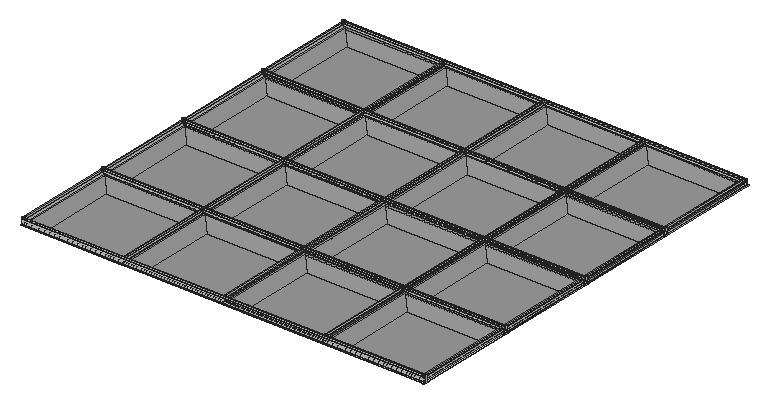
Revit family "GRD-FLD-017_FOLDED GRID 017_RFA", category Modelos genéricos, Revit 2022 (continued)
Forms (in)
  Extrusion 233, solid, not visible
    sketch origin (0, 24, 0) x (0, 1, 0) y (0, 0, 1)
      loop
        arc (0.44023, 1.66266) -> (0.45258, 1.69248) -> (0.4824, 1.70483) r 0.04217
        line (0.4824, 1.70483) -> (0.52333, 1.70483)
        arc (0.52333, 1.70483) -> (0.54049, 1.71194) -> (0.54761, 1.7291) r 0.02428
        line (0.54761, 1.7291) -> (0.54761, 2.15016) -> (0.45704, 2.24072)
        arc (0.45704, 2.24072) -> (0.44027, 2.24767) -> (0.42351, 2.24072) r 0.02371
        line (0.42351, 2.24072) -> (0.33294, 2.15016) -> (0.33294, 1.7291)
    from 0 to 96.9361
  Extrusion 234, solid, not visible
    sketch origin (0, 48, 0) x (0, 1, 0) y (0, 0, 1)
      loop
        line (0.42221, 1.66259) -> (0.42231, 0.67354)
        arc (0.42231, 0.67354) -> (0.41009, 0.64403) -> (0.38057, 0.6318) r 0.04174
        line (0.38057, 0.6318) -> (-0.00639, 0.6318) -> (-0.00639, 0.59057) -> (0.8874, 0.59057) -> (0.8874, 0.6318) -> (0.49998, 0.6318)
        arc (0.49998, 0.6318) -> (0.47046, 0.64403) -> (0.45824, 0.67354) r 0.04174
        line (0.45824, 0.67354) -> (0.45834, 1.66259)
        arc (0.45834, 1.66259) -> (0.46543, 1.67969) -> (0.48252, 1.68677) r 0.02418
        line (0.48252, 1.68677) -> (0.52252, 1.68677)
        arc (0.52252, 1.68677) -> (0.55303, 1.69941) -> (0.56566, 1.72991) r 0.04314
        line (0.56566, 1.72991) -> (0.56566, 2.14095)
        arc (0.56566, 2.14095) -> (0.5626, 2.15637) -> (0.55386, 2.16944) r 0.04029
        line (0.55386, 2.16944) -> (0.47053, 2.25277)
        arc (0.47053, 2.25277) -> (0.44027, 2.2653) -> (0.41002, 2.25277) r 0.04279
        line (0.41002, 2.25277) -> (0.32669, 2.16944)
        arc (0.32669, 2.16944) -> (0.31795, 2.15637) -> (0.31489, 2.14095) r 0.04029
        line (0.31489, 2.14095) -> (0.31489, 1.72991)
        arc (0.31489, 1.72991) -> (0.32752, 1.69941) -> (0.35803, 1.68677) r 0.04314
        line (0.35803, 1.68677) -> (0.39803, 1.68677)
        arc (0.39803, 1.68677) -> (0.41512, 1.67969) -> (0.42221, 1.66259) r 0.02418
      loop
        arc (0.33294, 1.7291) -> (0.34005, 1.71194) -> (0.35722, 1.70483) r 0.02428
        line (0.35722, 1.70483) -> (0.39815, 1.70483)
        arc (0.39815, 1.70483) -> (0.42797, 1.69248) -> (0.44023, 1.66266) r 0.04217
        arc (0.44023, 1.66266) -> (0.45258, 1.69248) -> (0.4824, 1.70483) r 0.04217
        line (0.4824, 1.70483) -> (0.52333, 1.70483)
        arc (0.52333, 1.70483) -> (0.54049, 1.71194) -> (0.54761, 1.7291) r 0.02428
        line (0.54761, 1.7291) -> (0.54761, 2.15016) -> (0.45704, 2.24072)
        arc (0.45704, 2.24072) -> (0.44027, 2.24767) -> (0.42351, 2.24072) r 0.02371
        line (0.42351, 2.24072) -> (0.33294, 2.15016) -> (0.33294, 1.7291)
    from 0 to 96.9361
  Extrusion 235, solid, not visible
    sketch origin (0, 72, 0) x (0, 1, 0) y (0, 0, 1)
      loop
        line (0.42221, 1.66259) -> (0.42231, 0.67354)
        arc (0.42231, 0.67354) -> (0.41009, 0.64403) -> (0.38057, 0.6318) r 0.04174
        line (0.38057, 0.6318) -> (-0.00639, 0.6318) -> (-0.00639, 0.59057) -> (0.8874, 0.59057) -> (0.8874, 0.6318) -> (0.49998, 0.6318)
        arc (0.49998, 0.6318) -> (0.47046, 0.64403) -> (0.45824, 0.67354) r 0.04174
        line (0.45824, 0.67354) -> (0.45834, 1.66259)
        arc (0.45834, 1.66259) -> (0.46543, 1.67969) -> (0.48252, 1.68677) r 0.02418
        line (0.48252, 1.68677) -> (0.52252, 1.68677)
        arc (0.52252, 1.68677) -> (0.55303, 1.69941) -> (0.56566, 1.72991) r 0.04314
        line (0.56566, 1.72991) -> (0.56566, 2.14095)
        arc (0.56566, 2.14095) -> (0.5626, 2.15637) -> (0.55386, 2.16944) r 0.04029
        line (0.55386, 2.16944) -> (0.47053, 2.25277)
        arc (0.47053, 2.25277) -> (0.44027, 2.2653) -> (0.41002, 2.25277) r 0.04279
        line (0.41002, 2.25277) -> (0.32669, 2.16944)
        arc (0.32669, 2.16944) -> (0.31795, 2.15637) -> (0.31489, 2.14095) r 0.04029
        line (0.31489, 2.14095) -> (0.31489, 1.72991)
        arc (0.31489, 1.72991) -> (0.32752, 1.69941) -> (0.35803, 1.68677) r 0.04314
        line (0.35803, 1.68677) -> (0.39803, 1.68677)
        arc (0.39803, 1.68677) -> (0.41512, 1.67969) -> (0.42221, 1.66259) r 0.02418
      loop
        arc (0.33294, 1.7291) -> (0.34005, 1.71194) -> (0.35722, 1.70483) r 0.02428
        line (0.35722, 1.70483) -> (0.39815, 1.70483)
        arc (0.39815, 1.70483) -> (0.42797, 1.69248) -> (0.44023, 1.66266) r 0.04217
        arc (0.44023, 1.66266) -> (0.45258, 1.69248) -> (0.4824, 1.70483) r 0.04217
        line (0.4824, 1.70483) -> (0.52333, 1.70483)
        arc (0.52333, 1.70483) -> (0.54049, 1.71194) -> (0.54761, 1.7291) r 0.02428
        line (0.54761, 1.7291) -> (0.54761, 2.15016) -> (0.45704, 2.24072)
        arc (0.45704, 2.24072) -> (0.44027, 2.24767) -> (0.42351, 2.24072) r 0.02371
        line (0.42351, 2.24072) -> (0.33294, 2.15016) -> (0.33294, 1.7291)
    from 0 to 96.9361
  Extrusion 236, solid, not visible
    sketch origin (0, 96, 0) x (0, 1, 0) y (0, 0, 1)
      loop
        line (0.42221, 1.66259) -> (0.42231, 0.67354)
        arc (0.42231, 0.67354) -> (0.41009, 0.64403) -> (0.38057, 0.6318) r 0.04174
        line (0.38057, 0.6318) -> (-0.00639, 0.6318) -> (-0.00639, 0.59057) -> (0.8874, 0.59057) -> (0.8874, 0.6318) -> (0.49998, 0.6318)
        arc (0.49998, 0.6318) -> (0.47046, 0.64403) -> (0.45824, 0.67354) r 0.04174
        line (0.45824, 0.67354) -> (0.45834, 1.66259)
        arc (0.45834, 1.66259) -> (0.46543, 1.67969) -> (0.48252, 1.68677) r 0.02418
        line (0.48252, 1.68677) -> (0.52252, 1.68677)
        arc (0.52252, 1.68677) -> (0.55303, 1.69941) -> (0.56566, 1.72991) r 0.04314
        line (0.56566, 1.72991) -> (0.56566, 2.14095)
        arc (0.56566, 2.14095) -> (0.5626, 2.15637) -> (0.55386, 2.16944) r 0.04029
        line (0.55386, 2.16944) -> (0.47053, 2.25277)
        arc (0.47053, 2.25277) -> (0.44027, 2.2653) -> (0.41002, 2.25277) r 0.04279
        line (0.41002, 2.25277) -> (0.32669, 2.16944)
        arc (0.32669, 2.16944) -> (0.31795, 2.15637) -> (0.31489, 2.14095) r 0.04029
        line (0.31489, 2.14095) -> (0.31489, 1.72991)
        arc (0.31489, 1.72991) -> (0.32752, 1.69941) -> (0.35803, 1.68677) r 0.04314
        line (0.35803, 1.68677) -> (0.39803, 1.68677)
        arc (0.39803, 1.68677) -> (0.41512, 1.67969) -> (0.42221, 1.66259) r 0.02418
      loop
        arc (0.33294, 1.7291) -> (0.34005, 1.71194) -> (0.35722, 1.70483) r 0.02428
        line (0.35722, 1.70483) -> (0.39815, 1.70483)
        arc (0.39815, 1.70483) -> (0.42797, 1.69248) -> (0.44023, 1.66266) r 0.04217
        arc (0.44023, 1.66266) -> (0.45258, 1.69248) -> (0.4824, 1.70483) r 0.04217
        line (0.4824, 1.70483) -> (0.52333, 1.70483)
        arc (0.52333, 1.70483) -> (0.54049, 1.71194) -> (0.54761, 1.7291) r 0.02428
        line (0.54761, 1.7291) -> (0.54761, 2.15016) -> (0.45704, 2.24072)
        arc (0.45704, 2.24072) -> (0.44027, 2.24767) -> (0.42351, 2.24072) r 0.02371
        line (0.42351, 2.24072) -> (0.33294, 2.15016) -> (0.33294, 1.7291)
    from 0 to 96.9361
  Extrusion 237, solid, not visible
    sketch origin (48.02754, 154.90856, 0) x (1, 0, 0) y (0, 0, 1)
      loop
        line (0.42221, 1.66259) -> (0.42231, 0.67354)
        arc (0.42231, 0.67354) -> (0.41009, 0.64403) -> (0.38057, 0.6318) r 0.04174
        line (0.38057, 0.6318) -> (-0.00639, 0.6318) -> (-0.00639, 0.59057) -> (0.8874, 0.59057) -> (0.8874, 0.6318) -> (0.49998, 0.6318)
        arc (0.49998, 0.6318) -> (0.47046, 0.64403) -> (0.45824, 0.67354) r 0.04174
        line (0.45824, 0.67354) -> (0.45834, 1.66259)
        arc (0.45834, 1.66259) -> (0.46543, 1.67969) -> (0.48252, 1.68677) r 0.02418
        line (0.48252, 1.68677) -> (0.52252, 1.68677)
        arc (0.52252, 1.68677) -> (0.55303, 1.69941) -> (0.56566, 1.72991) r 0.04314
        line (0.56566, 1.72991) -> (0.56566, 2.14095)
        arc (0.56566, 2.14095) -> (0.5626, 2.15637) -> (0.55386, 2.16944) r 0.04029
        line (0.55386, 2.16944) -> (0.47053, 2.25277)
        arc (0.47053, 2.25277) -> (0.44027, 2.2653) -> (0.41002, 2.25277) r 0.04279
        line (0.41002, 2.25277) -> (0.32669, 2.16944)
        arc (0.32669, 2.16944) -> (0.31795, 2.15637) -> (0.31489, 2.14095) r 0.04029
        line (0.31489, 2.14095) -> (0.31489, 1.72991)
        arc (0.31489, 1.72991) -> (0.32752, 1.69941) -> (0.35803, 1.68677) r 0.04314
        line (0.35803, 1.68677) -> (0.39803, 1.68677)
        arc (0.39803, 1.68677) -> (0.41512, 1.67969) -> (0.42221, 1.66259) r 0.02418
      loop
        arc (0.33294, 1.7291) -> (0.34005, 1.71194) -> (0.35722, 1.70483) r 0.02428
        line (0.35722, 1.70483) -> (0.39815, 1.70483)
        arc (0.39815, 1.70483) -> (0.42797, 1.69248) -> (0.44023, 1.66266) r 0.04217
        arc (0.44023, 1.66266) -> (0.45258, 1.69248) -> (0.4824, 1.70483) r 0.04217
        line (0.4824, 1.70483) -> (0.52333, 1.70483)
        arc (0.52333, 1.70483) -> (0.54049, 1.71194) -> (0.54761, 1.7291) r 0.02428
        line (0.54761, 1.7291) -> (0.54761, 2.15016) -> (0.45704, 2.24072)
        arc (0.45704, 2.24072) -> (0.44027, 2.24767) -> (0.42351, 2.24072) r 0.02371
        line (0.42351, 2.24072) -> (0.33294, 2.15016) -> (0.33294, 1.7291)
    from 58.93614 to 81.99864
  Extrusion 238, solid, not visible
    sketch origin (72.02767, 154.90856, 0) x (1, 0, 0) y (0, 0, 1)
      loop
        line (0.42221, 1.66259) -> (0.42231, 0.67354)
        arc (0.42231, 0.67354) -> (0.41009, 0.64403) -> (0.38057, 0.6318) r 0.04174
        line (0.38057, 0.6318) -> (-0.00639, 0.6318) -> (-0.00639, 0.59057) -> (0.8874, 0.59057) -> (0.8874, 0.6318) -> (0.49998, 0.6318)
        arc (0.49998, 0.6318) -> (0.47046, 0.64403) -> (0.45824, 0.67354) r 0.04174
        line (0.45824, 0.67354) -> (0.45834, 1.66259)
        arc (0.45834, 1.66259) -> (0.46543, 1.67969) -> (0.48252, 1.68677) r 0.02418
        line (0.48252, 1.68677) -> (0.52252, 1.68677)
        arc (0.52252, 1.68677) -> (0.55303, 1.69941) -> (0.56566, 1.72991) r 0.04314
        line (0.56566, 1.72991) -> (0.56566, 2.14095)
        arc (0.56566, 2.14095) -> (0.5626, 2.15637) -> (0.55386, 2.16944) r 0.04029
        line (0.55386, 2.16944) -> (0.47053, 2.25277)
        arc (0.47053, 2.25277) -> (0.44027, 2.2653) -> (0.41002, 2.25277) r 0.04279
        line (0.41002, 2.25277) -> (0.32669, 2.16944)
        arc (0.32669, 2.16944) -> (0.31795, 2.15637) -> (0.31489, 2.14095) r 0.04029
        line (0.31489, 2.14095) -> (0.31489, 1.72991)
        arc (0.31489, 1.72991) -> (0.32752, 1.69941) -> (0.35803, 1.68677) r 0.04314
        line (0.35803, 1.68677) -> (0.39803, 1.68677)
        arc (0.39803, 1.68677) -> (0.41512, 1.67969) -> (0.42221, 1.66259) r 0.02418
      loop
        arc (0.33294, 1.7291) -> (0.34005, 1.71194) -> (0.35722, 1.70483) r 0.02428
        line (0.35722, 1.70483) -> (0.39815, 1.70483)
        arc (0.39815, 1.70483) -> (0.42797, 1.69248) -> (0.44023, 1.66266) r 0.04217
        arc (0.44023, 1.66266) -> (0.45258, 1.69248) -> (0.4824, 1.70483) r 0.04217
        line (0.4824, 1.70483) -> (0.52333, 1.70483)
        arc (0.52333, 1.70483) -> (0.54049, 1.71194) -> (0.54761, 1.7291) r 0.02428
        line (0.54761, 1.7291) -> (0.54761, 2.15016) -> (0.45704, 2.24072)
        arc (0.45704, 2.24072) -> (0.44027, 2.24767) -> (0.42351, 2.24072) r 0.02371
        line (0.42351, 2.24072) -> (0.33294, 2.15016) -> (0.33294, 1.7291)
    from 58.93614 to 81.99864
  Extrusion 239, solid, not visible
    sketch origin (96.02767, 154.90856, 0) x (1, 0, 0) y (0, 0, 1)
      loop
        line (0.42221, 1.66259) -> (0.42231, 0.67354)
        arc (0.42231, 0.67354) -> (0.41009, 0.64403) -> (0.38057, 0.6318) r 0.04174
        line (0.38057, 0.6318) -> (-0.00639, 0.6318) -> (-0.00639, 0.59057) -> (0.8874, 0.59057) -> (0.8874, 0.6318) -> (0.49998, 0.6318)
        arc (0.49998, 0.6318) -> (0.47046, 0.64403) -> (0.45824, 0.67354) r 0.04174
        line (0.45824, 0.67354) -> (0.45834, 1.66259)
        arc (0.45834, 1.66259) -> (0.46543, 1.67969) -> (0.48252, 1.68677) r 0.02418
        line (0.48252, 1.68677) -> (0.52252, 1.68677)
        arc (0.52252, 1.68677) -> (0.55303, 1.69941) -> (0.56566, 1.72991) r 0.04314
        line (0.56566, 1.72991) -> (0.56566, 2.14095)
        arc (0.56566, 2.14095) -> (0.5626, 2.15637) -> (0.55386, 2.16944) r 0.04029
        line (0.55386, 2.16944) -> (0.47053, 2.25277)
        arc (0.47053, 2.25277) -> (0.44027, 2.2653) -> (0.41002, 2.25277) r 0.04279
        line (0.41002, 2.25277) -> (0.32669, 2.16944)
        arc (0.32669, 2.16944) -> (0.31795, 2.15637) -> (0.31489, 2.14095) r 0.04029
        line (0.31489, 2.14095) -> (0.31489, 1.72991)
        arc (0.31489, 1.72991) -> (0.32752, 1.69941) -> (0.35803, 1.68677) r 0.04314
        line (0.35803, 1.68677) -> (0.39803, 1.68677)
        arc (0.39803, 1.68677) -> (0.41512, 1.67969) -> (0.42221, 1.66259) r 0.02418
      loop
        arc (0.33294, 1.7291) -> (0.34005, 1.71194) -> (0.35722, 1.70483) r 0.02428
        line (0.35722, 1.70483) -> (0.39815, 1.70483)
        arc (0.39815, 1.70483) -> (0.42797, 1.69248) -> (0.44023, 1.66266) r 0.04217
        arc (0.44023, 1.66266) -> (0.45258, 1.69248) -> (0.4824, 1.70483) r 0.04217
        line (0.4824, 1.70483) -> (0.52333, 1.70483)
        arc (0.52333, 1.70483) -> (0.54049, 1.71194) -> (0.54761, 1.7291) r 0.02428
        line (0.54761, 1.7291) -> (0.54761, 2.15016) -> (0.45704, 2.24072)
        arc (0.45704, 2.24072) -> (0.44027, 2.24767) -> (0.42351, 2.24072) r 0.02371
        line (0.42351, 2.24072) -> (0.33294, 2.15016) -> (0.33294, 1.7291)
    from 58.93614 to 81.99864
  Extrusion 240, solid, not visible
    sketch origin (24.02767, 154.90856, 0) x (1, 0, 0) y (0, 0, 1)
      loop
        line (0.42221, 1.66259) -> (0.42231, 0.67354)
        arc (0.42231, 0.67354) -> (0.41009, 0.64403) -> (0.38057, 0.6318) r 0.04174
        line (0.38057, 0.6318) -> (-0.00639, 0.6318) -> (-0.00639, 0.59057) -> (0.8874, 0.59057) -> (0.8874, 0.6318) -> (0.49998, 0.6318)
        arc (0.49998, 0.6318) -> (0.47046, 0.64403) -> (0.45824, 0.67354) r 0.04174
        line (0.45824, 0.67354) -> (0.45834, 1.66259)
        arc (0.45834, 1.66259) -> (0.46543, 1.67969) -> (0.48252, 1.68677) r 0.02418
        line (0.48252, 1.68677) -> (0.52252, 1.68677)
        arc (0.52252, 1.68677) -> (0.55303, 1.69941) -> (0.56566, 1.72991) r 0.04314
        line (0.56566, 1.72991) -> (0.56566, 2.14095)
        arc (0.56566, 2.14095) -> (0.5626, 2.15637) -> (0.55386, 2.16944) r 0.04029
        line (0.55386, 2.16944) -> (0.47053, 2.25277)
        arc (0.47053, 2.25277) -> (0.44027, 2.2653) -> (0.41002, 2.25277) r 0.04279
        line (0.41002, 2.25277) -> (0.32669, 2.16944)
        arc (0.32669, 2.16944) -> (0.31795, 2.15637) -> (0.31489, 2.14095) r 0.04029
        line (0.31489, 2.14095) -> (0.31489, 1.72991)
        arc (0.31489, 1.72991) -> (0.32752, 1.69941) -> (0.35803, 1.68677) r 0.04314
        line (0.35803, 1.68677) -> (0.39803, 1.68677)
        arc (0.39803, 1.68677) -> (0.41512, 1.67969) -> (0.42221, 1.66259) r 0.02418
      loop
        arc (0.33294, 1.7291) -> (0.34005, 1.71194) -> (0.35722, 1.70483) r 0.02428
        line (0.35722, 1.70483) -> (0.39815, 1.70483)
        arc (0.39815, 1.70483) -> (0.42797, 1.69248) -> (0.44023, 1.66266) r 0.04217
        arc (0.44023, 1.66266) -> (0.45258, 1.69248) -> (0.4824, 1.70483) r 0.04217
        line (0.4824, 1.70483) -> (0.52333, 1.70483)
        arc (0.52333, 1.70483) -> (0.54049, 1.71194) -> (0.54761, 1.7291) r 0.02428
        line (0.54761, 1.7291) -> (0.54761, 2.15016) -> (0.45704, 2.24072)
        arc (0.45704, 2.24072) -> (0.44027, 2.24767) -> (0.42351, 2.24072) r 0.02371
        line (0.42351, 2.24072) -> (0.33294, 2.15016) -> (0.33294, 1.7291)
    from 58.93614 to 81.99864
  Extrusion 241, solid, not visible
    sketch origin (0.02767, 154.90856, 0) x (1, 0, 0) y (0, 0, 1)
      loop
        line (0.42221, 1.66259) -> (0.42231, 0.67354)
        arc (0.42231, 0.67354) -> (0.41009, 0.64403) -> (0.38057, 0.6318) r 0.04174
        line (0.38057, 0.6318) -> (-0.00639, 0.6318) -> (-0.00639, 0.59057) -> (0.8874, 0.59057) -> (0.8874, 0.6318) -> (0.49998, 0.6318)
        arc (0.49998, 0.6318) -> (0.47046, 0.64403) -> (0.45824, 0.67354) r 0.04174
        line (0.45824, 0.67354) -> (0.45834, 1.66259)
        arc (0.45834, 1.66259) -> (0.46543, 1.67969) -> (0.48252, 1.68677) r 0.02418
        line (0.48252, 1.68677) -> (0.52252, 1.68677)
        arc (0.52252, 1.68677) -> (0.55303, 1.69941) -> (0.56566, 1.72991) r 0.04314
        line (0.56566, 1.72991) -> (0.56566, 2.14095)
        arc (0.56566, 2.14095) -> (0.5626, 2.15637) -> (0.55386, 2.16944) r 0.04029
        line (0.55386, 2.16944) -> (0.47053, 2.25277)
        arc (0.47053, 2.25277) -> (0.44027, 2.2653) -> (0.41002, 2.25277) r 0.04279
        line (0.41002, 2.25277) -> (0.32669, 2.16944)
        arc (0.32669, 2.16944) -> (0.31795, 2.15637) -> (0.31489, 2.14095) r 0.04029
        line (0.31489, 2.14095) -> (0.31489, 1.72991)
        arc (0.31489, 1.72991) -> (0.32752, 1.69941) -> (0.35803, 1.68677) r 0.04314
        line (0.35803, 1.68677) -> (0.39803, 1.68677)
        arc (0.39803, 1.68677) -> (0.41512, 1.67969) -> (0.42221, 1.66259) r 0.02418
      loop
        arc (0.33294, 1.7291) -> (0.34005, 1.71194) -> (0.35722, 1.70483) r 0.02428
        line (0.35722, 1.70483) -> (0.39815, 1.70483)
        arc (0.39815, 1.70483) -> (0.42797, 1.69248) -> (0.44023, 1.66266) r 0.04217
        arc (0.44023, 1.66266) -> (0.45258, 1.69248) -> (0.4824, 1.70483) r 0.04217
        line (0.4824, 1.70483) -> (0.52333, 1.70483)
        arc (0.52333, 1.70483) -> (0.54049, 1.71194) -> (0.54761, 1.7291) r 0.02428
        line (0.54761, 1.7291) -> (0.54761, 2.15016) -> (0.45704, 2.24072)
        arc (0.45704, 2.24072) -> (0.44027, 2.24767) -> (0.42351, 2.24072) r 0.02371
        line (0.42351, 2.24072) -> (0.33294, 2.15016) -> (0.33294, 1.7291)
    from 58.93614 to 81.99864
  Extrusion 242, solid, not visible
    sketch origin (48.02754, 130.90855, 0) x (1, 0, 0) y (0, 0, 1)
      loop
        line (0.42221, 1.66259) -> (0.42231, 0.67354)
        arc (0.42231, 0.67354) -> (0.41009, 0.64403) -> (0.38057, 0.6318) r 0.04174
        line (0.38057, 0.6318) -> (-0.00639, 0.6318) -> (-0.00639, 0.59057) -> (0.8874, 0.59057) -> (0.8874, 0.6318) -> (0.49998, 0.6318)
        arc (0.49998, 0.6318) -> (0.47046, 0.64403) -> (0.45824, 0.67354) r 0.04174
        line (0.45824, 0.67354) -> (0.45834, 1.66259)
        arc (0.45834, 1.66259) -> (0.46543, 1.67969) -> (0.48252, 1.68677) r 0.02418
        line (0.48252, 1.68677) -> (0.52252, 1.68677)
        arc (0.52252, 1.68677) -> (0.55303, 1.69941) -> (0.56566, 1.72991) r 0.04314
        line (0.56566, 1.72991) -> (0.56566, 2.14095)
        arc (0.56566, 2.14095) -> (0.5626, 2.15637) -> (0.55386, 2.16944) r 0.04029
        line (0.55386, 2.16944) -> (0.47053, 2.25277)
        arc (0.47053, 2.25277) -> (0.44027, 2.2653) -> (0.41002, 2.25277) r 0.04279
        line (0.41002, 2.25277) -> (0.32669, 2.16944)
        arc (0.32669, 2.16944) -> (0.31795, 2.15637) -> (0.31489, 2.14095) r 0.04029
        line (0.31489, 2.14095) -> (0.31489, 1.72991)
        arc (0.31489, 1.72991) -> (0.32752, 1.69941) -> (0.35803, 1.68677) r 0.04314
        line (0.35803, 1.68677) -> (0.39803, 1.68677)
        arc (0.39803, 1.68677) -> (0.41512, 1.67969) -> (0.42221, 1.66259) r 0.02418
      loop
        arc (0.33294, 1.7291) -> (0.34005, 1.71194) -> (0.35722, 1.70483) r 0.02428
        line (0.35722, 1.70483) -> (0.39815, 1.70483)
        arc (0.39815, 1.70483) -> (0.42797, 1.69248) -> (0.44023, 1.66266) r 0.04217
        arc (0.44023, 1.66266) -> (0.45258, 1.69248) -> (0.4824, 1.70483) r 0.04217
        line (0.4824, 1.70483) -> (0.52333, 1.70483)
        arc (0.52333, 1.70483) -> (0.54049, 1.71194) -> (0.54761, 1.7291) r 0.02428
        line (0.54761, 1.7291) -> (0.54761, 2.15016) -> (0.45704, 2.24072)
        arc (0.45704, 2.24072) -> (0.44027, 2.24767) -> (0.42351, 2.24072) r 0.02371
        line (0.42351, 2.24072) -> (0.33294, 2.15016) -> (0.33294, 1.7291)
    from 58.93614 to 81.99864
  Extrusion 243, solid, not visible
    sketch origin (72.02767, 130.90855, 0) x (1, 0, 0) y (0, 0, 1)
      loop
        line (0.42221, 1.66259) -> (0.42231, 0.67354)
        arc (0.42231, 0.67354) -> (0.41009, 0.64403) -> (0.38057, 0.6318) r 0.04174
        line (0.38057, 0.6318) -> (-0.00639, 0.6318) -> (-0.00639, 0.59057) -> (0.8874, 0.59057) -> (0.8874, 0.6318) -> (0.49998, 0.6318)
        arc (0.49998, 0.6318) -> (0.47046, 0.64403) -> (0.45824, 0.67354) r 0.04174
        line (0.45824, 0.67354) -> (0.45834, 1.66259)
        arc (0.45834, 1.66259) -> (0.46543, 1.67969) -> (0.48252, 1.68677) r 0.02418
        line (0.48252, 1.68677) -> (0.52252, 1.68677)
        arc (0.52252, 1.68677) -> (0.55303, 1.69941) -> (0.56566, 1.72991) r 0.04314
        line (0.56566, 1.72991) -> (0.56566, 2.14095)
        arc (0.56566, 2.14095) -> (0.5626, 2.15637) -> (0.55386, 2.16944) r 0.04029
        line (0.55386, 2.16944) -> (0.47053, 2.25277)
        arc (0.47053, 2.25277) -> (0.44027, 2.2653) -> (0.41002, 2.25277) r 0.04279
        line (0.41002, 2.25277) -> (0.32669, 2.16944)
        arc (0.32669, 2.16944) -> (0.31795, 2.15637) -> (0.31489, 2.14095) r 0.04029
        line (0.31489, 2.14095) -> (0.31489, 1.72991)
        arc (0.31489, 1.72991) -> (0.32752, 1.69941) -> (0.35803, 1.68677) r 0.04314
        line (0.35803, 1.68677) -> (0.39803, 1.68677)
        arc (0.39803, 1.68677) -> (0.41512, 1.67969) -> (0.42221, 1.66259) r 0.02418
      loop
        arc (0.33294, 1.7291) -> (0.34005, 1.71194) -> (0.35722, 1.70483) r 0.02428
        line (0.35722, 1.70483) -> (0.39815, 1.70483)
        arc (0.39815, 1.70483) -> (0.42797, 1.69248) -> (0.44023, 1.66266) r 0.04217
        arc (0.44023, 1.66266) -> (0.45258, 1.69248) -> (0.4824, 1.70483) r 0.04217
        line (0.4824, 1.70483) -> (0.52333, 1.70483)
        arc (0.52333, 1.70483) -> (0.54049, 1.71194) -> (0.54761, 1.7291) r 0.02428
        line (0.54761, 1.7291) -> (0.54761, 2.15016) -> (0.45704, 2.24072)
        arc (0.45704, 2.24072) -> (0.44027, 2.24767) -> (0.42351, 2.24072) r 0.02371
        line (0.42351, 2.24072) -> (0.33294, 2.15016) -> (0.33294, 1.7291)
    from 58.93614 to 81.99864
  Extrusion 244, solid, not visible
    sketch origin (96.02767, 130.90855, 0) x (1, 0, 0) y (0, 0, 1)
      loop
        line (0.42221, 1.66259) -> (0.42231, 0.67354)
        arc (0.42231, 0.67354) -> (0.41009, 0.64403) -> (0.38057, 0.6318) r 0.04174
        line (0.38057, 0.6318) -> (-0.00639, 0.6318) -> (-0.00639, 0.59057) -> (0.8874, 0.59057) -> (0.8874, 0.6318) -> (0.49998, 0.6318)
        arc (0.49998, 0.6318) -> (0.47046, 0.64403) -> (0.45824, 0.67354) r 0.04174
        line (0.45824, 0.67354) -> (0.45834, 1.66259)
        arc (0.45834, 1.66259) -> (0.46543, 1.67969) -> (0.48252, 1.68677) r 0.02418
        line (0.48252, 1.68677) -> (0.52252, 1.68677)
        arc (0.52252, 1.68677) -> (0.55303, 1.69941) -> (0.56566, 1.72991) r 0.04314
        line (0.56566, 1.72991) -> (0.56566, 2.14095)
        arc (0.56566, 2.14095) -> (0.5626, 2.15637) -> (0.55386, 2.16944) r 0.04029
        line (0.55386, 2.16944) -> (0.47053, 2.25277)
        arc (0.47053, 2.25277) -> (0.44027, 2.2653) -> (0.41002, 2.25277) r 0.04279
        line (0.41002, 2.25277) -> (0.32669, 2.16944)
        arc (0.32669, 2.16944) -> (0.31795, 2.15637) -> (0.31489, 2.14095) r 0.04029
        line (0.31489, 2.14095) -> (0.31489, 1.72991)
        arc (0.31489, 1.72991) -> (0.32752, 1.69941) -> (0.35803, 1.68677) r 0.04314
        line (0.35803, 1.68677) -> (0.39803, 1.68677)
        arc (0.39803, 1.68677) -> (0.41512, 1.67969) -> (0.42221, 1.66259) r 0.02418
      loop
        arc (0.33294, 1.7291) -> (0.34005, 1.71194) -> (0.35722, 1.70483) r 0.02428
        line (0.35722, 1.70483) -> (0.39815, 1.70483)
        arc (0.39815, 1.70483) -> (0.42797, 1.69248) -> (0.44023, 1.66266) r 0.04217
        arc (0.44023, 1.66266) -> (0.45258, 1.69248) -> (0.4824, 1.70483) r 0.04217
        line (0.4824, 1.70483) -> (0.52333, 1.70483)
        arc (0.52333, 1.70483) -> (0.54049, 1.71194) -> (0.54761, 1.7291) r 0.02428
        line (0.54761, 1.7291) -> (0.54761, 2.15016) -> (0.45704, 2.24072)
        arc (0.45704, 2.24072) -> (0.44027, 2.24767) -> (0.42351, 2.24072) r 0.02371
        line (0.42351, 2.24072) -> (0.33294, 2.15016) -> (0.33294, 1.7291)
    from 58.93614 to 81.99864
  Extrusion 245, solid, not visible
    sketch origin (24.02767, 130.90855, 0) x (1, 0, 0) y (0, 0, 1)
      loop
        line (0.42221, 1.66259) -> (0.42231, 0.67354)
        arc (0.42231, 0.67354) -> (0.41009, 0.64403) -> (0.38057, 0.6318) r 0.04174
        line (0.38057, 0.6318) -> (-0.00639, 0.6318) -> (-0.00639, 0.59057) -> (0.8874, 0.59057) -> (0.8874, 0.6318) -> (0.49998, 0.6318)
        arc (0.49998, 0.6318) -> (0.47046, 0.64403) -> (0.45824, 0.67354) r 0.04174
        line (0.45824, 0.67354) -> (0.45834, 1.66259)
        arc (0.45834, 1.66259) -> (0.46543, 1.67969) -> (0.48252, 1.68677) r 0.02418
        line (0.48252, 1.68677) -> (0.52252, 1.68677)
        arc (0.52252, 1.68677) -> (0.55303, 1.69941) -> (0.56566, 1.72991) r 0.04314
        line (0.56566, 1.72991) -> (0.56566, 2.14095)
        arc (0.56566, 2.14095) -> (0.5626, 2.15637) -> (0.55386, 2.16944) r 0.04029
        line (0.55386, 2.16944) -> (0.47053, 2.25277)
        arc (0.47053, 2.25277) -> (0.44027, 2.2653) -> (0.41002, 2.25277) r 0.04279
        line (0.41002, 2.25277) -> (0.32669, 2.16944)
        arc (0.32669, 2.16944) -> (0.31795, 2.15637) -> (0.31489, 2.14095) r 0.04029
        line (0.31489, 2.14095) -> (0.31489, 1.72991)
        arc (0.31489, 1.72991) -> (0.32752, 1.69941) -> (0.35803, 1.68677) r 0.04314
        line (0.35803, 1.68677) -> (0.39803, 1.68677)
        arc (0.39803, 1.68677) -> (0.41512, 1.67969) -> (0.42221, 1.66259) r 0.02418
      loop
        arc (0.33294, 1.7291) -> (0.34005, 1.71194) -> (0.35722, 1.70483) r 0.02428
        line (0.35722, 1.70483) -> (0.39815, 1.70483)
        arc (0.39815, 1.70483) -> (0.42797, 1.69248) -> (0.44023, 1.66266) r 0.04217
        arc (0.44023, 1.66266) -> (0.45258, 1.69248) -> (0.4824, 1.70483) r 0.04217
        line (0.4824, 1.70483) -> (0.52333, 1.70483)
        arc (0.52333, 1.70483) -> (0.54049, 1.71194) -> (0.54761, 1.7291) r 0.02428
        line (0.54761, 1.7291) -> (0.54761, 2.15016) -> (0.45704, 2.24072)
        arc (0.45704, 2.24072) -> (0.44027, 2.24767) -> (0.42351, 2.24072) r 0.02371
        line (0.42351, 2.24072) -> (0.33294, 2.15016) -> (0.33294, 1.7291)
    from 58.93614 to 81.99864
  Extrusion 246, solid, not visible
    sketch origin (0.02767, 130.90855, 0) x (1, 0, 0) y (0, 0, 1)
      loop
        line (0.42221, 1.66259) -> (0.42231, 0.67354)
        arc (0.42231, 0.67354) -> (0.41009, 0.64403) -> (0.38057, 0.6318) r 0.04174
        line (0.38057, 0.6318) -> (-0.00639, 0.6318) -> (-0.00639, 0.59057) -> (0.8874, 0.59057) -> (0.8874, 0.6318) -> (0.49998, 0.6318)
        arc (0.49998, 0.6318) -> (0.47046, 0.64403) -> (0.45824, 0.67354) r 0.04174
        line (0.45824, 0.67354) -> (0.45834, 1.66259)
        arc (0.45834, 1.66259) -> (0.46543, 1.67969) -> (0.48252, 1.68677) r 0.02418
        line (0.48252, 1.68677) -> (0.52252, 1.68677)
        arc (0.52252, 1.68677) -> (0.55303, 1.69941) -> (0.56566, 1.72991) r 0.04314
        line (0.56566, 1.72991) -> (0.56566, 2.14095)
        arc (0.56566, 2.14095) -> (0.5626, 2.15637) -> (0.55386, 2.16944) r 0.04029
        line (0.55386, 2.16944) -> (0.47053, 2.25277)
        arc (0.47053, 2.25277) -> (0.44027, 2.2653) -> (0.41002, 2.25277) r 0.04279
        line (0.41002, 2.25277) -> (0.32669, 2.16944)
        arc (0.32669, 2.16944) -> (0.31795, 2.15637) -> (0.31489, 2.14095) r 0.04029
        line (0.31489, 2.14095) -> (0.31489, 1.72991)
        arc (0.31489, 1.72991) -> (0.32752, 1.69941) -> (0.35803, 1.68677) r 0.04314
        line (0.35803, 1.68677) -> (0.39803, 1.68677)
        arc (0.39803, 1.68677) -> (0.41512, 1.67969) -> (0.42221, 1.66259) r 0.02418
      loop
        arc (0.33294, 1.7291) -> (0.34005, 1.71194) -> (0.35722, 1.70483) r 0.02428
        line (0.35722, 1.70483) -> (0.39815, 1.70483)
        arc (0.39815, 1.70483) -> (0.42797, 1.69248) -> (0.44023, 1.66266) r 0.04217
        arc (0.44023, 1.66266) -> (0.45258, 1.69248) -> (0.4824, 1.70483) r 0.04217
        line (0.4824, 1.70483) -> (0.52333, 1.70483)
        arc (0.52333, 1.70483) -> (0.54049, 1.71194) -> (0.54761, 1.7291) r 0.02428
        line (0.54761, 1.7291) -> (0.54761, 2.15016) -> (0.45704, 2.24072)
        arc (0.45704, 2.24072) -> (0.44027, 2.24767) -> (0.42351, 2.24072) r 0.02371
        line (0.42351, 2.24072) -> (0.33294, 2.15016) -> (0.33294, 1.7291)
    from 58.93614 to 81.99864
  Extrusion 247, solid, not visible
    sketch origin (48.02754, 106.90856, 0) x (1, 0, 0) y (0, 0, 1)
      loop
        line (0.42221, 1.66259) -> (0.42231, 0.67354)
        arc (0.42231, 0.67354) -> (0.41009, 0.64403) -> (0.38057, 0.6318) r 0.04174
        line (0.38057, 0.6318) -> (-0.00639, 0.6318) -> (-0.00639, 0.59057) -> (0.8874, 0.59057) -> (0.8874, 0.6318) -> (0.49998, 0.6318)
        arc (0.49998, 0.6318) -> (0.47046, 0.64403) -> (0.45824, 0.67354) r 0.04174
        line (0.45824, 0.67354) -> (0.45834, 1.66259)
        arc (0.45834, 1.66259) -> (0.46543, 1.67969) -> (0.48252, 1.68677) r 0.02418
        line (0.48252, 1.68677) -> (0.52252, 1.68677)
        arc (0.52252, 1.68677) -> (0.55303, 1.69941) -> (0.56566, 1.72991) r 0.04314
        line (0.56566, 1.72991) -> (0.56566, 2.14095)
        arc (0.56566, 2.14095) -> (0.5626, 2.15637) -> (0.55386, 2.16944) r 0.04029
        line (0.55386, 2.16944) -> (0.47053, 2.25277)
        arc (0.47053, 2.25277) -> (0.44027, 2.2653) -> (0.41002, 2.25277) r 0.04279
        line (0.41002, 2.25277) -> (0.32669, 2.16944)
        arc (0.32669, 2.16944) -> (0.31795, 2.15637) -> (0.31489, 2.14095) r 0.04029
        line (0.31489, 2.14095) -> (0.31489, 1.72991)
        arc (0.31489, 1.72991) -> (0.32752, 1.69941) -> (0.35803, 1.68677) r 0.04314
        line (0.35803, 1.68677) -> (0.39803, 1.68677)
        arc (0.39803, 1.68677) -> (0.41512, 1.67969) -> (0.42221, 1.66259) r 0.02418
      loop
        arc (0.33294, 1.7291) -> (0.34005, 1.71194) -> (0.35722, 1.70483) r 0.02428
        line (0.35722, 1.70483) -> (0.39815, 1.70483)
        arc (0.39815, 1.70483) -> (0.42797, 1.69248) -> (0.44023, 1.66266) r 0.04217
        arc (0.44023, 1.66266) -> (0.45258, 1.69248) -> (0.4824, 1.70483) r 0.04217
        line (0.4824, 1.70483) -> (0.52333, 1.70483)
        arc (0.52333, 1.70483) -> (0.54049, 1.71194) -> (0.54761, 1.7291) r 0.02428
        line (0.54761, 1.7291) -> (0.54761, 2.15016) -> (0.45704, 2.24072)
        arc (0.45704, 2.24072) -> (0.44027, 2.24767) -> (0.42351, 2.24072) r 0.02371
        line (0.42351, 2.24072) -> (0.33294, 2.15016) -> (0.33294, 1.7291)
    from 58.93614 to 81.99864
  Extrusion 248, solid, not visible
    sketch origin (72.02767, 106.90856, 0) x (1, 0, 0) y (0, 0, 1)
      loop
        line (0.42221, 1.66259) -> (0.42231, 0.67354)
        arc (0.42231, 0.67354) -> (0.41009, 0.64403) -> (0.38057, 0.6318) r 0.04174
        line (0.38057, 0.6318) -> (-0.00639, 0.6318) -> (-0.00639, 0.59057) -> (0.8874, 0.59057) -> (0.8874, 0.6318) -> (0.49998, 0.6318)
        arc (0.49998, 0.6318) -> (0.47046, 0.64403) -> (0.45824, 0.67354) r 0.04174
        line (0.45824, 0.67354) -> (0.45834, 1.66259)
        arc (0.45834, 1.66259) -> (0.46543, 1.67969) -> (0.48252, 1.68677) r 0.02418
        line (0.48252, 1.68677) -> (0.52252, 1.68677)
        arc (0.52252, 1.68677) -> (0.55303, 1.69941) -> (0.56566, 1.72991) r 0.04314
        line (0.56566, 1.72991) -> (0.56566, 2.14095)
        arc (0.56566, 2.14095) -> (0.5626, 2.15637) -> (0.55386, 2.16944) r 0.04029
        line (0.55386, 2.16944) -> (0.47053, 2.25277)
        arc (0.47053, 2.25277) -> (0.44027, 2.2653) -> (0.41002, 2.25277) r 0.04279
        line (0.41002, 2.25277) -> (0.32669, 2.16944)
        arc (0.32669, 2.16944) -> (0.31795, 2.15637) -> (0.31489, 2.14095) r 0.04029
        line (0.31489, 2.14095) -> (0.31489, 1.72991)
        arc (0.31489, 1.72991) -> (0.32752, 1.69941) -> (0.35803, 1.68677) r 0.04314
        line (0.35803, 1.68677) -> (0.39803, 1.68677)
        arc (0.39803, 1.68677) -> (0.41512, 1.67969) -> (0.42221, 1.66259) r 0.02418
      loop
        arc (0.33294, 1.7291) -> (0.34005, 1.71194) -> (0.35722, 1.70483) r 0.02428
        line (0.35722, 1.70483) -> (0.39815, 1.70483)
        arc (0.39815, 1.70483) -> (0.42797, 1.69248) -> (0.44023, 1.66266) r 0.04217
        arc (0.44023, 1.66266) -> (0.45258, 1.69248) -> (0.4824, 1.70483) r 0.04217
        line (0.4824, 1.70483) -> (0.52333, 1.70483)
        arc (0.52333, 1.70483) -> (0.54049, 1.71194) -> (0.54761, 1.7291) r 0.02428
        line (0.54761, 1.7291) -> (0.54761, 2.15016) -> (0.45704, 2.24072)
        arc (0.45704, 2.24072) -> (0.44027, 2.24767) -> (0.42351, 2.24072) r 0.02371
        line (0.42351, 2.24072) -> (0.33294, 2.15016) -> (0.33294, 1.7291)
    from 58.93614 to 81.99864
  Extrusion 249, solid, not visible
    sketch origin (96.02767, 106.90856, 0) x (1, 0, 0) y (0, 0, 1)
      loop
        line (0.42221, 1.66259) -> (0.42231, 0.67354)
        arc (0.42231, 0.67354) -> (0.41009, 0.64403) -> (0.38057, 0.6318) r 0.04174
        line (0.38057, 0.6318) -> (-0.00639, 0.6318) -> (-0.00639, 0.59057) -> (0.8874, 0.59057) -> (0.8874, 0.6318) -> (0.49998, 0.6318)
        arc (0.49998, 0.6318) -> (0.47046, 0.64403) -> (0.45824, 0.67354) r 0.04174
        line (0.45824, 0.67354) -> (0.45834, 1.66259)
        arc (0.45834, 1.66259) -> (0.46543, 1.67969) -> (0.48252, 1.68677) r 0.02418
        line (0.48252, 1.68677) -> (0.52252, 1.68677)
        arc (0.52252, 1.68677) -> (0.55303, 1.69941) -> (0.56566, 1.72991) r 0.04314
        line (0.56566, 1.72991) -> (0.56566, 2.14095)
        arc (0.56566, 2.14095) -> (0.5626, 2.15637) -> (0.55386, 2.16944) r 0.04029
        line (0.55386, 2.16944) -> (0.47053, 2.25277)
        arc (0.47053, 2.25277) -> (0.44027, 2.2653) -> (0.41002, 2.25277) r 0.04279
        line (0.41002, 2.25277) -> (0.32669, 2.16944)
        arc (0.32669, 2.16944) -> (0.31795, 2.15637) -> (0.31489, 2.14095) r 0.04029
        line (0.31489, 2.14095) -> (0.31489, 1.72991)
        arc (0.31489, 1.72991) -> (0.32752, 1.69941) -> (0.35803, 1.68677) r 0.04314
        line (0.35803, 1.68677) -> (0.39803, 1.68677)
        arc (0.39803, 1.68677) -> (0.41512, 1.67969) -> (0.42221, 1.66259) r 0.02418
      loop
        arc (0.33294, 1.7291) -> (0.34005, 1.71194) -> (0.35722, 1.70483) r 0.02428
        line (0.35722, 1.70483) -> (0.39815, 1.70483)
        arc (0.39815, 1.70483) -> (0.42797, 1.69248) -> (0.44023, 1.66266) r 0.04217
        arc (0.44023, 1.66266) -> (0.45258, 1.69248) -> (0.4824, 1.70483) r 0.04217
        line (0.4824, 1.70483) -> (0.52333, 1.70483)
        arc (0.52333, 1.70483) -> (0.54049, 1.71194) -> (0.54761, 1.7291) r 0.02428
        line (0.54761, 1.7291) -> (0.54761, 2.15016) -> (0.45704, 2.24072)
        arc (0.45704, 2.24072) -> (0.44027, 2.24767) -> (0.42351, 2.24072) r 0.02371
        line (0.42351, 2.24072) -> (0.33294, 2.15016) -> (0.33294, 1.7291)
    from 58.93614 to 81.99864
  Extrusion 250, solid, not visible
    sketch origin (24.02767, 106.90856, 0) x (1, 0, 0) y (0, 0, 1)
      loop
        line (0.42221, 1.66259) -> (0.42231, 0.67354)
        arc (0.42231, 0.67354) -> (0.41009, 0.64403) -> (0.38057, 0.6318) r 0.04174
        line (0.38057, 0.6318) -> (-0.00639, 0.6318) -> (-0.00639, 0.59057) -> (0.8874, 0.59057) -> (0.8874, 0.6318) -> (0.49998, 0.6318)
        arc (0.49998, 0.6318) -> (0.47046, 0.64403) -> (0.45824, 0.67354) r 0.04174
        line (0.45824, 0.67354) -> (0.45834, 1.66259)
        arc (0.45834, 1.66259) -> (0.46543, 1.67969) -> (0.48252, 1.68677) r 0.02418
        line (0.48252, 1.68677) -> (0.52252, 1.68677)
        arc (0.52252, 1.68677) -> (0.55303, 1.69941) -> (0.56566, 1.72991) r 0.04314
        line (0.56566, 1.72991) -> (0.56566, 2.14095)
        arc (0.56566, 2.14095) -> (0.5626, 2.15637) -> (0.55386, 2.16944) r 0.04029
        line (0.55386, 2.16944) -> (0.47053, 2.25277)
        arc (0.47053, 2.25277) -> (0.44027, 2.2653) -> (0.41002, 2.25277) r 0.04279
        line (0.41002, 2.25277) -> (0.32669, 2.16944)
        arc (0.32669, 2.16944) -> (0.31795, 2.15637) -> (0.31489, 2.14095) r 0.04029
        line (0.31489, 2.14095) -> (0.31489, 1.72991)
        arc (0.31489, 1.72991) -> (0.32752, 1.69941) -> (0.35803, 1.68677) r 0.04314
        line (0.35803, 1.68677) -> (0.39803, 1.68677)
        arc (0.39803, 1.68677) -> (0.41512, 1.67969) -> (0.42221, 1.66259) r 0.02418
      loop
        arc (0.33294, 1.7291) -> (0.34005, 1.71194) -> (0.35722, 1.70483) r 0.02428
        line (0.35722, 1.70483) -> (0.39815, 1.70483)
        arc (0.39815, 1.70483) -> (0.42797, 1.69248) -> (0.44023, 1.66266) r 0.04217
        arc (0.44023, 1.66266) -> (0.45258, 1.69248) -> (0.4824, 1.70483) r 0.04217
        line (0.4824, 1.70483) -> (0.52333, 1.70483)
        arc (0.52333, 1.70483) -> (0.54049, 1.71194) -> (0.54761, 1.7291) r 0.02428
        line (0.54761, 1.7291) -> (0.54761, 2.15016) -> (0.45704, 2.24072)
        arc (0.45704, 2.24072) -> (0.44027, 2.24767) -> (0.42351, 2.24072) r 0.02371
        line (0.42351, 2.24072) -> (0.33294, 2.15016) -> (0.33294, 1.7291)
    from 58.93614 to 81.99864
  Extrusion 251, solid, not visible
    sketch origin (0.02767, 106.90856, 0) x (1, 0, 0) y (0, 0, 1)
      loop
        line (0.42221, 1.66259) -> (0.42231, 0.67354)
        arc (0.42231, 0.67354) -> (0.41009, 0.64403) -> (0.38057, 0.6318) r 0.04174
        line (0.38057, 0.6318) -> (-0.00639, 0.6318) -> (-0.00639, 0.59057) -> (0.8874, 0.59057) -> (0.8874, 0.6318) -> (0.49998, 0.6318)
        arc (0.49998, 0.6318) -> (0.47046, 0.64403) -> (0.45824, 0.67354) r 0.04174
        line (0.45824, 0.67354) -> (0.45834, 1.66259)
        arc (0.45834, 1.66259) -> (0.46543, 1.67969) -> (0.48252, 1.68677) r 0.02418
        line (0.48252, 1.68677) -> (0.52252, 1.68677)
        arc (0.52252, 1.68677) -> (0.55303, 1.69941) -> (0.56566, 1.72991) r 0.04314
        line (0.56566, 1.72991) -> (0.56566, 2.14095)
        arc (0.56566, 2.14095) -> (0.5626, 2.15637) -> (0.55386, 2.16944) r 0.04029
        line (0.55386, 2.16944) -> (0.47053, 2.25277)
        arc (0.47053, 2.25277) -> (0.44027, 2.2653) -> (0.41002, 2.25277) r 0.04279
        line (0.41002, 2.25277) -> (0.32669, 2.16944)
        arc (0.32669, 2.16944) -> (0.31795, 2.15637) -> (0.31489, 2.14095) r 0.04029
        line (0.31489, 2.14095) -> (0.31489, 1.72991)
        arc (0.31489, 1.72991) -> (0.32752, 1.69941) -> (0.35803, 1.68677) r 0.04314
        line (0.35803, 1.68677) -> (0.39803, 1.68677)
        arc (0.39803, 1.68677) -> (0.41512, 1.67969) -> (0.42221, 1.66259) r 0.02418
      loop
        arc (0.33294, 1.7291) -> (0.34005, 1.71194) -> (0.35722, 1.70483) r 0.02428
        line (0.35722, 1.70483) -> (0.39815, 1.70483)
        arc (0.39815, 1.70483) -> (0.42797, 1.69248) -> (0.44023, 1.66266) r 0.04217
        arc (0.44023, 1.66266) -> (0.45258, 1.69248) -> (0.4824, 1.70483) r 0.04217
        line (0.4824, 1.70483) -> (0.52333, 1.70483)
        arc (0.52333, 1.70483) -> (0.54049, 1.71194) -> (0.54761, 1.7291) r 0.02428
        line (0.54761, 1.7291) -> (0.54761, 2.15016) -> (0.45704, 2.24072)
        arc (0.45704, 2.24072) -> (0.44027, 2.24767) -> (0.42351, 2.24072) r 0.02371
        line (0.42351, 2.24072) -> (0.33294, 2.15016) -> (0.33294, 1.7291)
    from 58.93614 to 81.99864
  Extrusion 252, solid, not visible
    sketch origin (48.02754, 82.90856, 0) x (1, 0, 0) y (0, 0, 1)
      loop
        line (0.42221, 1.66259) -> (0.42231, 0.67354)
        arc (0.42231, 0.67354) -> (0.41009, 0.64403) -> (0.38057, 0.6318) r 0.04174
        line (0.38057, 0.6318) -> (-0.00639, 0.6318) -> (-0.00639, 0.59057) -> (0.8874, 0.59057) -> (0.8874, 0.6318) -> (0.49998, 0.6318)
        arc (0.49998, 0.6318) -> (0.47046, 0.64403) -> (0.45824, 0.67354) r 0.04174
        line (0.45824, 0.67354) -> (0.45834, 1.66259)
        arc (0.45834, 1.66259) -> (0.46543, 1.67969) -> (0.48252, 1.68677) r 0.02418
        line (0.48252, 1.68677) -> (0.52252, 1.68677)
        arc (0.52252, 1.68677) -> (0.55303, 1.69941) -> (0.56566, 1.72991) r 0.04314
        line (0.56566, 1.72991) -> (0.56566, 2.14095)
        arc (0.56566, 2.14095) -> (0.5626, 2.15637) -> (0.55386, 2.16944) r 0.04029
        line (0.55386, 2.16944) -> (0.47053, 2.25277)
        arc (0.47053, 2.25277) -> (0.44027, 2.2653) -> (0.41002, 2.25277) r 0.04279
        line (0.41002, 2.25277) -> (0.32669, 2.16944)
        arc (0.32669, 2.16944) -> (0.31795, 2.15637) -> (0.31489, 2.14095) r 0.04029
        line (0.31489, 2.14095) -> (0.31489, 1.72991)
        arc (0.31489, 1.72991) -> (0.32752, 1.69941) -> (0.35803, 1.68677) r 0.04314
        line (0.35803, 1.68677) -> (0.39803, 1.68677)
        arc (0.39803, 1.68677) -> (0.41512, 1.67969) -> (0.42221, 1.66259) r 0.02418
      loop
        arc (0.33294, 1.7291) -> (0.34005, 1.71194) -> (0.35722, 1.70483) r 0.02428
        line (0.35722, 1.70483) -> (0.39815, 1.70483)
        arc (0.39815, 1.70483) -> (0.42797, 1.69248) -> (0.44023, 1.66266) r 0.04217
        arc (0.44023, 1.66266) -> (0.45258, 1.69248) -> (0.4824, 1.70483) r 0.04217
        line (0.4824, 1.70483) -> (0.52333, 1.70483)
        arc (0.52333, 1.70483) -> (0.54049, 1.71194) -> (0.54761, 1.7291) r 0.02428
        line (0.54761, 1.7291) -> (0.54761, 2.15016) -> (0.45704, 2.24072)
        arc (0.45704, 2.24072) -> (0.44027, 2.24767) -> (0.42351, 2.24072) r 0.02371
        line (0.42351, 2.24072) -> (0.33294, 2.15016) -> (0.33294, 1.7291)
    from 58.93614 to 81.99864
  Extrusion 253, solid, not visible
    sketch origin (72.02767, 82.90856, 0) x (1, 0, 0) y (0, 0, 1)
      loop
        line (0.42221, 1.66259) -> (0.42231, 0.67354)
        arc (0.42231, 0.67354) -> (0.41009, 0.64403) -> (0.38057, 0.6318) r 0.04174
        line (0.38057, 0.6318) -> (-0.00639, 0.6318) -> (-0.00639, 0.59057) -> (0.8874, 0.59057) -> (0.8874, 0.6318) -> (0.49998, 0.6318)
        arc (0.49998, 0.6318) -> (0.47046, 0.64403) -> (0.45824, 0.67354) r 0.04174
        line (0.45824, 0.67354) -> (0.45834, 1.66259)
        arc (0.45834, 1.66259) -> (0.46543, 1.67969) -> (0.48252, 1.68677) r 0.02418
        line (0.48252, 1.68677) -> (0.52252, 1.68677)
        arc (0.52252, 1.68677) -> (0.55303, 1.69941) -> (0.56566, 1.72991) r 0.04314
        line (0.56566, 1.72991) -> (0.56566, 2.14095)
        arc (0.56566, 2.14095) -> (0.5626, 2.15637) -> (0.55386, 2.16944) r 0.04029
        line (0.55386, 2.16944) -> (0.47053, 2.25277)
        arc (0.47053, 2.25277) -> (0.44027, 2.2653) -> (0.41002, 2.25277) r 0.04279
        line (0.41002, 2.25277) -> (0.32669, 2.16944)
        arc (0.32669, 2.16944) -> (0.31795, 2.15637) -> (0.31489, 2.14095) r 0.04029
        line (0.31489, 2.14095) -> (0.31489, 1.72991)
        arc (0.31489, 1.72991) -> (0.32752, 1.69941) -> (0.35803, 1.68677) r 0.04314
        line (0.35803, 1.68677) -> (0.39803, 1.68677)
        arc (0.39803, 1.68677) -> (0.41512, 1.67969) -> (0.42221, 1.66259) r 0.02418
      loop
        arc (0.33294, 1.7291) -> (0.34005, 1.71194) -> (0.35722, 1.70483) r 0.02428
        line (0.35722, 1.70483) -> (0.39815, 1.70483)
        arc (0.39815, 1.70483) -> (0.42797, 1.69248) -> (0.44023, 1.66266) r 0.04217
        arc (0.44023, 1.66266) -> (0.45258, 1.69248) -> (0.4824, 1.70483) r 0.04217
        line (0.4824, 1.70483) -> (0.52333, 1.70483)
        arc (0.52333, 1.70483) -> (0.54049, 1.71194) -> (0.54761, 1.7291) r 0.02428
        line (0.54761, 1.7291) -> (0.54761, 2.15016) -> (0.45704, 2.24072)
        arc (0.45704, 2.24072) -> (0.44027, 2.24767) -> (0.42351, 2.24072) r 0.02371
        line (0.42351, 2.24072) -> (0.33294, 2.15016) -> (0.33294, 1.7291)
    from 58.93614 to 81.99864
  Extrusion 254, solid, not visible
    sketch origin (96.02767, 82.90856, 0) x (1, 0, 0) y (0, 0, 1)
      loop
        line (0.42221, 1.66259) -> (0.42231, 0.67354)
        arc (0.42231, 0.67354) -> (0.41009, 0.64403) -> (0.38057, 0.6318) r 0.04174
        line (0.38057, 0.6318) -> (-0.00639, 0.6318) -> (-0.00639, 0.59057) -> (0.8874, 0.59057) -> (0.8874, 0.6318) -> (0.49998, 0.6318)
        arc (0.49998, 0.6318) -> (0.47046, 0.64403) -> (0.45824, 0.67354) r 0.04174
        line (0.45824, 0.67354) -> (0.45834, 1.66259)
        arc (0.45834, 1.66259) -> (0.46543, 1.67969) -> (0.48252, 1.68677) r 0.02418
        line (0.48252, 1.68677) -> (0.52252, 1.68677)
        arc (0.52252, 1.68677) -> (0.55303, 1.69941) -> (0.56566, 1.72991) r 0.04314
        line (0.56566, 1.72991) -> (0.56566, 2.14095)
        arc (0.56566, 2.14095) -> (0.5626, 2.15637) -> (0.55386, 2.16944) r 0.04029
        line (0.55386, 2.16944) -> (0.47053, 2.25277)
        arc (0.47053, 2.25277) -> (0.44027, 2.2653) -> (0.41002, 2.25277) r 0.04279
        line (0.41002, 2.25277) -> (0.32669, 2.16944)
        arc (0.32669, 2.16944) -> (0.31795, 2.15637) -> (0.31489, 2.14095) r 0.04029
        line (0.31489, 2.14095) -> (0.31489, 1.72991)
        arc (0.31489, 1.72991) -> (0.32752, 1.69941) -> (0.35803, 1.68677) r 0.04314
        line (0.35803, 1.68677) -> (0.39803, 1.68677)
        arc (0.39803, 1.68677) -> (0.41512, 1.67969) -> (0.42221, 1.66259) r 0.02418
      loop
        arc (0.33294, 1.7291) -> (0.34005, 1.71194) -> (0.35722, 1.70483) r 0.02428
        line (0.35722, 1.70483) -> (0.39815, 1.70483)
        arc (0.39815, 1.70483) -> (0.42797, 1.69248) -> (0.44023, 1.66266) r 0.04217
        arc (0.44023, 1.66266) -> (0.45258, 1.69248) -> (0.4824, 1.70483) r 0.04217
        line (0.4824, 1.70483) -> (0.52333, 1.70483)
        arc (0.52333, 1.70483) -> (0.54049, 1.71194) -> (0.54761, 1.7291) r 0.02428
        line (0.54761, 1.7291) -> (0.54761, 2.15016) -> (0.45704, 2.24072)
        arc (0.45704, 2.24072) -> (0.44027, 2.24767) -> (0.42351, 2.24072) r 0.02371
        line (0.42351, 2.24072) -> (0.33294, 2.15016) -> (0.33294, 1.7291)
    from 58.93614 to 81.99864
  Extrusion 255, solid, not visible
    sketch origin (24.02767, 82.90856, 0) x (1, 0, 0) y (0, 0, 1)
      loop
        line (0.42221, 1.66259) -> (0.42231, 0.67354)
        arc (0.42231, 0.67354) -> (0.41009, 0.64403) -> (0.38057, 0.6318) r 0.04174
        line (0.38057, 0.6318) -> (-0.00639, 0.6318) -> (-0.00639, 0.59057) -> (0.8874, 0.59057) -> (0.8874, 0.6318) -> (0.49998, 0.6318)
        arc (0.49998, 0.6318) -> (0.47046, 0.64403) -> (0.45824, 0.67354) r 0.04174
        line (0.45824, 0.67354) -> (0.45834, 1.66259)
        arc (0.45834, 1.66259) -> (0.46543, 1.67969) -> (0.48252, 1.68677) r 0.02418
        line (0.48252, 1.68677) -> (0.52252, 1.68677)
        arc (0.52252, 1.68677) -> (0.55303, 1.69941) -> (0.56566, 1.72991) r 0.04314
        line (0.56566, 1.72991) -> (0.56566, 2.14095)
        arc (0.56566, 2.14095) -> (0.5626, 2.15637) -> (0.55386, 2.16944) r 0.04029
        line (0.55386, 2.16944) -> (0.47053, 2.25277)
        arc (0.47053, 2.25277) -> (0.44027, 2.2653) -> (0.41002, 2.25277) r 0.04279
        line (0.41002, 2.25277) -> (0.32669, 2.16944)
        arc (0.32669, 2.16944) -> (0.31795, 2.15637) -> (0.31489, 2.14095) r 0.04029
        line (0.31489, 2.14095) -> (0.31489, 1.72991)
        arc (0.31489, 1.72991) -> (0.32752, 1.69941) -> (0.35803, 1.68677) r 0.04314
        line (0.35803, 1.68677) -> (0.39803, 1.68677)
        arc (0.39803, 1.68677) -> (0.41512, 1.67969) -> (0.42221, 1.66259) r 0.02418
      loop
        arc (0.33294, 1.7291) -> (0.34005, 1.71194) -> (0.35722, 1.70483) r 0.02428
        line (0.35722, 1.70483) -> (0.39815, 1.70483)
        arc (0.39815, 1.70483) -> (0.42797, 1.69248) -> (0.44023, 1.66266) r 0.04217
        arc (0.44023, 1.66266) -> (0.45258, 1.69248) -> (0.4824, 1.70483) r 0.04217
        line (0.4824, 1.70483) -> (0.52333, 1.70483)
        arc (0.52333, 1.70483) -> (0.54049, 1.71194) -> (0.54761, 1.7291) r 0.02428
        line (0.54761, 1.7291) -> (0.54761, 2.15016) -> (0.45704, 2.24072)
        arc (0.45704, 2.24072) -> (0.44027, 2.24767) -> (0.42351, 2.24072) r 0.02371
        line (0.42351, 2.24072) -> (0.33294, 2.15016) -> (0.33294, 1.7291)
    from 58.93614 to 81.99864
  Extrusion 256, solid, not visible
    sketch origin (0.02767, 82.90856, 0) x (1, 0, 0) y (0, 0, 1)
      loop
        line (0.42221, 1.66259) -> (0.42231, 0.67354)
        arc (0.42231, 0.67354) -> (0.41009, 0.64403) -> (0.38057, 0.6318) r 0.04174
        line (0.38057, 0.6318) -> (-0.00639, 0.6318) -> (-0.00639, 0.59057) -> (0.8874, 0.59057) -> (0.8874, 0.6318) -> (0.49998, 0.6318)
        arc (0.49998, 0.6318) -> (0.47046, 0.64403) -> (0.45824, 0.67354) r 0.04174
        line (0.45824, 0.67354) -> (0.45834, 1.66259)
        arc (0.45834, 1.66259) -> (0.46543, 1.67969) -> (0.48252, 1.68677) r 0.02418
        line (0.48252, 1.68677) -> (0.52252, 1.68677)
        arc (0.52252, 1.68677) -> (0.55303, 1.69941) -> (0.56566, 1.72991) r 0.04314
        line (0.56566, 1.72991) -> (0.56566, 2.14095)
        arc (0.56566, 2.14095) -> (0.5626, 2.15637) -> (0.55386, 2.16944) r 0.04029
        line (0.55386, 2.16944) -> (0.47053, 2.25277)
        arc (0.47053, 2.25277) -> (0.44027, 2.2653) -> (0.41002, 2.25277) r 0.04279
        line (0.41002, 2.25277) -> (0.32669, 2.16944)
        arc (0.32669, 2.16944) -> (0.31795, 2.15637) -> (0.31489, 2.14095) r 0.04029
        line (0.31489, 2.14095) -> (0.31489, 1.72991)
        arc (0.31489, 1.72991) -> (0.32752, 1.69941) -> (0.35803, 1.68677) r 0.04314
        line (0.35803, 1.68677) -> (0.39803, 1.68677)
        arc (0.39803, 1.68677) -> (0.41512, 1.67969) -> (0.42221, 1.66259) r 0.02418
      loop
        arc (0.33294, 1.7291) -> (0.34005, 1.71194) -> (0.35722, 1.70483) r 0.02428
        line (0.35722, 1.70483) -> (0.39815, 1.70483)
        arc (0.39815, 1.70483) -> (0.42797, 1.69248) -> (0.44023, 1.66266) r 0.04217
        arc (0.44023, 1.66266) -> (0.45258, 1.69248) -> (0.4824, 1.70483) r 0.04217
        line (0.4824, 1.70483) -> (0.52333, 1.70483)
        arc (0.52333, 1.70483) -> (0.54049, 1.71194) -> (0.54761, 1.7291) r 0.02428
        line (0.54761, 1.7291) -> (0.54761, 2.15016) -> (0.45704, 2.24072)
        arc (0.45704, 2.24072) -> (0.44027, 2.24767) -> (0.42351, 2.24072) r 0.02371
        line (0.42351, 2.24072) -> (0.33294, 2.15016) -> (0.33294, 1.7291)
    from 58.93614 to 81.99864
  Extrusion 257, solid, not visible
    sketch origin (0, 0, 0) x (1, 0, 0) y (0, 1, 0)
      loop
        line (1.55539, 23.39887) -> (1.55539, 1.53863) -> (23.40345, 1.53863) -> (23.40345, 23.39887) -> (1.55539, 23.39887)
      loop
        line (24.34376, 0.56617) -> (24.34376, 24.31617) -> (0.59376, 24.31617) -> (0.59376, 0.56617) -> (24.34376, 0.56617)
    from -3.41361 to 0.59055
  Blend 258, solid
    base sketch origin (0, 0, 0) x (1, 0, 0) y (0, 1, 0)
      loop
        line (3.11609, 21.78654) -> (3.11609, 3.11841) -> (21.78421, 3.11841) -> (21.78421, 21.78654) -> (3.11609, 21.78654)
    top sketch origin (0, 0, 0) x (1, 0, 0) y (0, 1, 0)
      loop
        line (0.46955, 24.46879) -> (0.46955, 0.46879) -> (24.37342, 0.46879) -> (24.37342, 24.46879) -> (0.46955, 24.46879)
    from -1.56897 to 1.09697
  Blend 259, solid, not visible
    base sketch origin (0, 0, 0) x (1, 0, 0) y (0, 1, 0)
      loop
        line (3.11609, 21.78654) -> (3.11609, 3.11841) -> (21.78421, 3.11841) -> (21.78421, 21.78654) -> (3.11609, 21.78654)
    top sketch origin (0, 0, 0) x (1, 0, 0) y (0, 1, 0)
      loop
        line (0.46955, 24.46879) -> (0.46955, 0.46879) -> (24.37342, 0.46879) -> (24.37342, 24.46879) -> (0.46955, 24.46879)
    from -1.56897 to 1.09697
  Blend 260, void
    base sketch origin (0, 0, 0) x (1, 0, 0) y (0, 1, 0)
      loop
        line (3.31178, 21.59084) -> (3.31178, 3.3141) -> (21.58852, 3.3141) -> (21.58852, 21.59084) -> (3.31178, 21.59084)
    top sketch origin (0, 0, 0) x (1, 0, 0) y (0, 1, 0)
      loop
        line (23.78201, 1.12061) -> (23.78201, 23.78434) -> (1.11828, 23.78434) -> (1.11828, 1.12061) -> (23.78201, 1.12061)
    from -1.09653 to 1.09697
  Blend 261, void, not visible
    base sketch origin (0, 0, 0) x (1, 0, 0) y (0, 1, 0)
      loop
        line (3.31178, 21.59084) -> (3.31178, 3.3141) -> (21.58852, 3.3141) -> (21.58852, 21.59084) -> (3.31178, 21.59084)
    top sketch origin (0, 0, 0) x (1, 0, 0) y (0, 1, 0)
      loop
        line (23.78201, 1.12061) -> (23.78201, 23.78434) -> (1.11828, 23.78434) -> (1.11828, 1.12061) -> (23.78201, 1.12061)
    from -1.09653 to 1.09697
  Blend 262, solid
    base sketch origin (0, 23.98467, 0) x (1, 0, 0) y (0, 1, 0)
      loop
        line (3.11609, 21.78654) -> (3.11609, 3.11841) -> (21.78421, 3.11841) -> (21.78421, 21.78654) -> (3.11609, 21.78654)
    top sketch origin (0, 23.98467, 0) x (1, 0, 0) y (0, 1, 0)
      loop
        line (0.46955, 24.46879) -> (0.46955, 0.46879) -> (24.37342, 0.46879) -> (24.37342, 24.46879) -> (0.46955, 24.46879)
    from -1.56897 to 1.09697
  Blend 263, void
    base sketch origin (0, 23.98467, 0) x (1, 0, 0) y (0, 1, 0)
      loop
        line (3.31178, 21.59084) -> (3.31178, 3.3141) -> (21.58852, 3.3141) -> (21.58852, 21.59084) -> (3.31178, 21.59084)
    top sketch origin (0, 23.98467, 0) x (1, 0, 0) y (0, 1, 0)
      loop
        line (23.78201, 1.12061) -> (23.78201, 23.78434) -> (1.11828, 23.78434) -> (1.11828, 1.12061) -> (23.78201, 1.12061)
    from -1.09653 to 1.09697
  Blend 264, solid
    base sketch origin (0, 48.04767, 0) x (1, 0, 0) y (0, 1, 0)
      loop
        line (3.11609, 21.78654) -> (3.11609, 3.11841) -> (21.78421, 3.11841) -> (21.78421, 21.78654) -> (3.11609, 21.78654)
